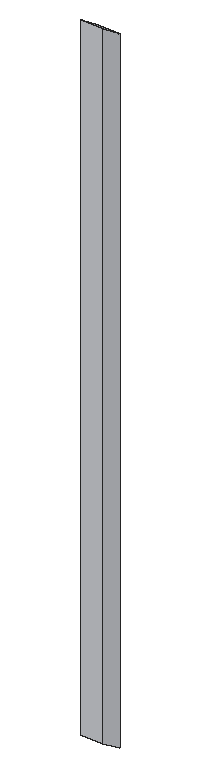
Revit family "Square (1)", category 난간동자, Revit 2026
Family settings
  항상 수직 = 예
  로드될 때 보이드를 사용하여 절단 = 아니오
  공유 = 아니오
Parameters (values of type "25mm")
  built-in parameter 1008623 [instance] = 32.47°
  built-in parameter 1008625 [instance] = (empty or 0)
  Post = no
  built-in parameter 1008624 [instance] = 32.47°
  Width = 25 mm
  Baluster Material = none
  built-in parameter 1008622 [instance] = 750 mm
Types (3, lengths in mm): name | Width
  (no name) | 25
  25mm | 25
  20mm | 20
Reference planes
  plane 1 "Center (Front/Back)": y = 0
  plane 2: z = 0
  plane 3 "Center (Left/Right)": x = 0
  plane 4 "Top": z = 750
  plane 5 "Top Angle Cut": through (0, 339.699, 533.838) normal (0, -0.5369, -0.8437)
  plane 6: z = 850
  plane 7: x = -25
  plane 8: x = 25
  plane 9: y = 25
  plane 10: y = -25
  plane 11 "Bottom Angle Cut": through (0, 0, 0) normal (0, -0.5369, -0.8437)
  plane 12: z = -100
Forms (mm)
  Extrusion 1, solid, material <- "Baluster Material"
    sketch origin (0, 0, 0) x (1, 0, 0) y (0, 1, 0)
      loop
        line (-12.5, 12.5) -> (-12.5, -12.5) -> (12.5, -12.5) -> (12.5, 12.5) -> (-12.5, 12.5)
    from -100 to 850
  Extrusion 2, void
    sketch origin (0, 0, 0) x (0, 1, 0) y (0, 0, 1)
      loop
        line (-25, 850) -> (-25, 765.908) -> (25, 734.092) -> (25, 850) -> (-25, 850)
      loop
        line (-25, -100) -> (25, -100) -> (25, -15.908) -> (-25, 15.908) -> (-25, -100)
    from -25 to 25
Cuts and joins
  Extrusion 2 cuts Extrusion 1
Dimensions and locks
  "built-in parameter 1008622": plane 2 to plane 4 "Top"
  locked: plane 4 "Top" to plane 6 at 100
  equal spacing: Extrusion 1 sketch curve, plane 3 "Center (Left/Right)", Extrusion 1 sketch curve
  equal spacing: Extrusion 1 sketch curve, plane 1 "Center (Front/Back)", Extrusion 1 sketch curve
  "Width": Extrusion 1 sketch curve to Extrusion 1 sketch curve  (x2)
  "Width": plane 7 to plane 3 "Center (Left/Right)"
  "Width": plane 3 "Center (Left/Right)" to plane 8
  "Width": plane 10 to plane 1 "Center (Front/Back)"
  "Width": plane 1 "Center (Front/Back)" to plane 9
  locked: level to plane 12 at 100
  "built-in parameter 1008623": angle plane 4 "Top" to plane 5 "Top Angle Cut"
  "built-in parameter 1008624": angle level to plane 11 "Bottom Angle Cut"
  aligned and locked: Extrusion 1 to plane 6
  aligned and locked: Extrusion 2 to plane 7
  aligned and locked: plane 8 to Extrusion 2
  aligned and locked: plane 6 to Extrusion 2 sketch curve
  aligned and locked: plane 9 to Extrusion 2 sketch curve
  aligned and locked: plane 10 to Extrusion 2 sketch curve  (x2)
  aligned and locked: Extrusion 2 sketch curve to plane 5 "Top Angle Cut"
  aligned and locked: plane 12 to Extrusion 1
  aligned and locked: plane 12 to Extrusion 2 sketch curve
  aligned and locked: Extrusion 2 sketch curve to plane 9
  aligned and locked: Extrusion 2 sketch curve to plane 11 "Bottom Angle Cut"
